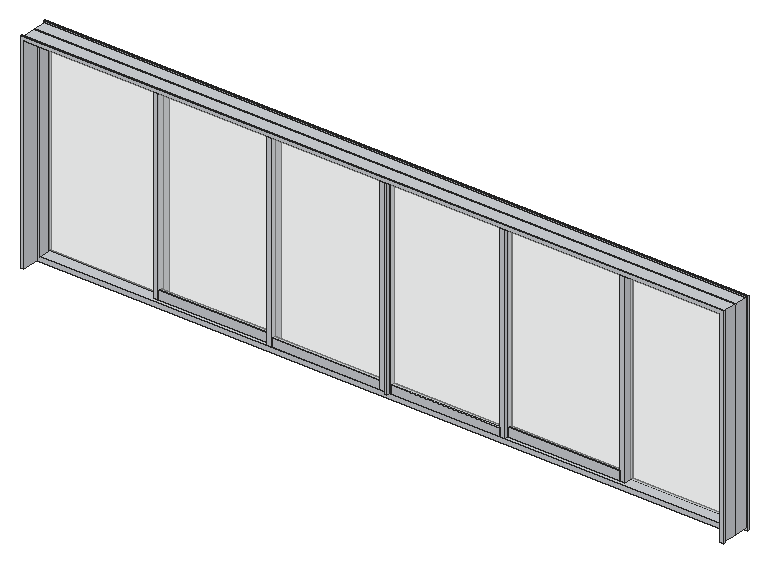
Revit family "APL Residential Thermal Heart Sliding Door FSSSSF", category Doors, host Wall, Revit 2017
Family settings
  Host = Wall
  OmniClass Number = 23.30.10.00
  OmniClass Title = Doors
  Always vertical = Yes
  Cut with Voids When Loaded = No
  Shared = No
  Room Calculation Point = No
Parameters (values of type "Architrave")
  Type [instance] = APL Residential Thermal Heart Sliding Door FSSSSF Horizontal Section : Groove Liner
  Threshold [instance] = yes
  Seal [instance] = yes
  Sash [instance] = yes
  Rough Width = 7500 mm
  Rough Height = 2213 mm
  Rebate Height [instance] = 69.5 mm
  Rebate [instance] = yes
  Liner Sill = yes
  Liner Head = yes
  Liner End [instance] = 10 mm
  Liner [instance] = 60 mm
  Jamb Liner 2 = yes
  Jamb Liner 1 = yes
  Groove [instance] = 10 mm
  Glazing [instance] = yes
  Function = Interior
  Frame Width Sill = 15 mm
  Frame Projection Ext. = 13 mm
  Frame Projection Int. = 20 mm
  Frame Width = 17.306 mm
  Height = Rough Height - 12.5 mm  # 2200.5 mm
  Wall Closure = By host
  Width = Rough Width - 15 mm  # 7485 mm
  Reveal Liner = no
  Fixed [instance] = yes
  Arrow Opening = yes
  Architrave = yes
  Analytic Construction = "<None>"
Reference planes
  plane 1: y = 0
  plane 2 "Center (Left/Right)": x = -138
  plane 3 "Left": x = -3888
  plane 4 "Right": x = 3612
  plane 5: z = 2213
  plane 6 "Exterior": y = 150
  plane 7 "Interior": y = -150
  plane 8: z = 1106.5
  plane 9: x = -1388
  plane 10: x = 1112
  plane 11: x = 2362
  plane 12: x = -2638
Forms (mm)
  Extrusion 1, solid, visible <- "Architrave"
    sketch origin (0, -150, 0) x (1, 0, 0) y (0, 0, 1)
      loop
        line (-3888, 2213) -> (-3888, 0) -> (-3859.896, 0) -> (-3859.896, 2184.896) -> (3583.896, 2184.896) -> (3583.896, 0) -> (3612, 0) -> (3612, 2213) -> (-3888, 2213)
    from 0 to -156.999
  Extrusion 2, solid, visible <- "Architrave"
    sketch origin (-60, -150, 0) x (1, 0, 0) y (0, 0, 1)
      loop
        line (-3839.5, 2224.5) -> (-3839.5, 0) -> (-3799.896, 0) -> (-3799.896, 2184.896) -> (3643.896, 2184.896) -> (3643.896, -0.049) -> (3683.5, -0.049) -> (3683.5, 2224.5) -> (-3839.5, 2224.5)
    from 19.85 to 0
  Sweep 3, solid, visible <- "Reveal Liner"
    path origin (0, -150, 0) x (1, 0, 0) y (0, 0, 1)
      loop
        line (-3888, -0.049) -> (-3888, 2213) -> (3612, 2213) -> (3612, -0.049)
    profile origin (-3888, -150, 1106.475) x (-1, 0, 0) y (0, -1, 0)
      loop
        line (-9.104, 19.85) -> (-28.104, 19.85) -> (-28.104, -156.999) -> (0, -156.999) -> (0, -0.15) -> (-14.669, -0.15) -> (-14.669, 9.85) -> (-9.104, 9.85) -> (-9.104, 19.85)
  Sweep 4, solid
    path origin (0, 150, 0) x (1, 0, 0) y (0, 0, 1)
      loop
        line (3647.192, 2247.7) -> (-3923.208, 2247.7) -> (-3923.208, -38.2) -> (3647.192, -38.2) -> (3647.192, 2247.7)
    profile origin (-3923.208, 150, 1104.75) x (0, -1, 0) y (1, 0, 0)
      loop
        line (-12.35, 22.708) -> (0, 22.708) -> (0, 42.708) -> (26.65, 42.708) -> (26.65, 66.708) -> (-18.35, 66.708) -> (-18.35, 43.708) -> (-12.35, 37.708) -> (-12.35, 22.708)
  Extrusion 5, solid
    sketch origin (0, -108.851, 0) x (1, 0, 0) y (0, 1, 0)
      loop
        line (1084.129, 128.85) -> (1084.129, 152.85) -> (-81.932, 152.85) -> (-81.932, 128.85) -> (1084.129, 128.85)
    from 138.3 to 2099.995
  Extrusion 6, solid
    sketch origin (3543.695, 0, 2243.4) x (0, 1, 0) y (0, 0, -1)
      loop
        line (95.299, 2195.899) -> (59.198, 2195.899) -> (59.198, 2105.099) -> (95.299, 2105.099) -> (95.299, 2195.899)
    from 1209.606 to 2407.622
  Extrusion 7, solid
    sketch origin (3500.695, -11.769, 0) x (-1, 0, 0) y (0, -1, 0)
      loop
        line (1166.606, -101.767) -> (2364.622, -101.767) -> (2364.622, -77.767) -> (1166.606, -77.767) -> (1166.606, -101.767)
    from 138.3 to 2099.995
  Sweep 8, solid
    path origin (-0.016, 150, 0) x (1, 0, 0) y (0, 0, 1)
      loop
        line (2386.072, 47.5) -> (3561.5, 47.5) -> (3561.5, 2161.998) -> (2386.072, 2161.998) -> (2386.072, 47.5)
    profile origin (3561.483, 150, 1104.749) x (0, -1, 0) y (1, 0, 0)
      loop
        line (-3.964, 0) -> (26.65, 0) -> (26.65, 19) -> (-18.35, 19) -> (-18.35, 14.386) -> (-3.964, 0)
  Extrusion 9, solid
    sketch origin (2245.479, 62.2, 0) x (-1, 0, 0) y (0, -1, 0)
      loop
        line (-1316.005, -90.65) -> (-140.576, -90.65) -> (-140.576, -66.65) -> (-1316.005, -66.65) -> (-1316.005, -90.65)
    from 47.5 to 2161.998
  Extrusion 10, solid
    sketch origin (-28.887, -46.751, 2243.4) x (0, 1, 0) y (0, 0, -1)
      loop
        line (95.951, 2195.899) -> (61.471, 2195.899) -> (61.471, 2105.099) -> (95.951, 2105.099) -> (95.951, 2195.899)
    from -1113.016 to 53.045
  Extrusion 11, solid
    sketch origin (0, 150, 0) x (1, 0, 0) y (0, 0, 1)
      loop
        line (3604.484, 2204.992) -> (-3880.5, 2204.992) -> (-3880.5, 4.508) -> (3604.484, 4.508) -> (3604.484, 2204.992)
      loop
        line (3561.5, 2161.998) -> (-3837.5, 2161.998) -> (-3837.5, 47.5) -> (3561.5, 47.5) -> (3561.5, 2161.998)
    from 26.65 to 143.001
  Extrusion 12, solid
    sketch origin (-55, 150, 0) x (1, 0, 0) y (0, 0, 1)
      loop
        line (3667, 2213) -> (-3833, 2213) -> (-3833, 0) -> (3667, 0) -> (3667, 2213)
      loop
        line (3659.484, 2204.992) -> (-3825.5, 2204.992) -> (-3825.5, 4.508) -> (3659.484, 4.508) -> (3659.484, 2204.992)
    from 0 to 143.001
  Extrusion 13, solid
    sketch origin (1205, 0, 0) x (1, 0, 0) y (0, 1, 0)
      loop
        line (1129.089, 59.198) -> (1181.09, 59.198) -> (1181.09, 123.35) -> (1129.089, 123.35) -> (1129.089, 59.198)
    from 47.5 to 2161.998
  Extrusion 14, solid
    sketch origin (1204.984, 0, 0) x (1, 0, 0) y (0, 1, 0)
      loop
        line (1129.089, 123.35) -> (1162.071, 123.35) -> (1162.071, 168.35) -> (1152.09, 168.35) -> (1152.09, 206.148) -> (1129.089, 206.148) -> (1129.089, 123.35)
    from 28.5 to 2180.992
  Extrusion 15, solid
    sketch origin (-86, -108.851, 0) x (-1, 0, 0) y (0, -1, 0)
      loop
        line (1274.129, -128.85) -> (107.998, -128.85) -> (107.998, -152.85) -> (1274.129, -152.85) -> (1274.129, -128.85)
    from 138.3 to 2099.995
  Extrusion 16, solid
    sketch origin (-3629.695, 0, 2243.4) x (0, 1, 0) y (0, 0, 1)
      loop
        line (95.299, -2195.899) -> (95.299, -2105.099) -> (59.198, -2105.099) -> (59.198, -2195.899) -> (95.299, -2195.899)
    from 1022.106 to 2217.622
  Extrusion 17, solid
    sketch origin (-3586.695, -11.769, 0) x (1, 0, 0) y (0, 1, 0)
      loop
        line (979.106, 101.767) -> (979.106, 77.767) -> (2174.622, 77.767) -> (2174.622, 101.767) -> (979.106, 101.767)
    from 138.3 to 2099.995
  Sweep 18, solid
    path origin (-85.984, 150, 0) x (-1, 0, 0) y (0, 0, 1)
      loop
        line (2573.624, 47.5) -> (3751.5, 47.5) -> (3751.5, 2161.998) -> (2573.624, 2161.998) -> (2573.624, 47.5)
    profile origin (-3837.483, 150, 1104.749) x (0, -1, 0) y (1, 0, 0)
      loop
        line (-3.964, 0) -> (-18.35, -14.386) -> (-18.35, -19) -> (26.65, -19) -> (26.65, 0) -> (-3.964, 0)
  Extrusion 19, solid
    sketch origin (-3900.5, 162.35, -15.492) x (0, -1, 0) y (-1, 0, 0)
      loop
        line (147.63, -2488.427) -> (103.152, -2488.427) -> (103.152, -2540.371) -> (147.63, -2540.371) -> (147.63, -2488.427)
    from -2177.49 to -62.992
  Extrusion 20, solid
    sketch origin (-2331.479, 62.2, 0) x (1, 0, 0) y (0, 1, 0)
      loop
        line (-1506.005, 90.65) -> (-1506.005, 66.65) -> (-328.129, 66.65) -> (-328.129, 90.65) -> (-1506.005, 90.65)
    from 47.5 to 2161.998
  Extrusion 21, solid
    sketch origin (-57.113, -46.751, 2243.4) x (0, 1, 0) y (0, 0, 1)
      loop
        line (95.951, -2195.899) -> (95.951, -2105.099) -> (61.471, -2105.099) -> (61.471, -2195.899) -> (95.951, -2195.899)
    from -1303.016 to -136.887
  Extrusion 22, solid
    sketch origin (-3877.422, 162.35, -15.492) x (0, -1, 0) y (-1, 0, 0)
      loop
        line (103.152, -1269.833) -> (103.152, -1218.048) -> (39, -1218.048) -> (39, -1269.833) -> (103.152, -1269.833)
    from -2177.49 to -62.992
  Extrusion 23, solid
    sketch origin (-3900.5, 162.35, -15.492) x (0, -1, 0) y (-1, 0, 0)
      loop
        line (103.152, -2540.371) -> (103.152, -2488.427) -> (67.151, -2488.427) -> (67.151, -2507.657) -> (22.852, -2507.657) -> (22.852, -2540.371) -> (103.152, -2540.371)
    from -2177.49 to -62.992
  Extrusion 24, solid
    sketch origin (-3900.5, 162.35, -15.492) x (0, -1, 0) y (-1, 0, 0)
      loop
        line (113.15, -3706.5) -> (113.15, -3762.5) -> (149.151, -3762.5) -> (149.151, -3706.5) -> (113.15, -3706.5)
    from -2177.49 to -62.992
  Extrusion 25, solid
    sketch origin (-3900.5, 162.35, -15.492) x (0, -1, 0) y (-1, 0, 0)
      loop
        line (113.15, -3762.5) -> (113.15, -3783.561) -> (83.152, -3783.561) -> (83.152, -3799.561) -> (113.15, -3799.561) -> (113.15, -3818.568) -> (149.151, -3818.568) -> (149.151, -3799.561) -> (179.156, -3799.561) -> (179.156, -3783.561) -> (149.151, -3783.561) -> (149.151, -3762.5) -> (113.15, -3762.5)
    from -2177.49 to -62.992
  Sweep 26, solid
    path origin (0, 150, 0) x (1, 0, 0) y (0, 0, 1)
      loop
        line (2334.072, 47.5) -> (-2607.589, 47.5)
    profile origin (-136.758, 150, 47.5) x (0, 0, -1) y (0, -1, 0)
      loop
        line (18.992, -17.95) -> (18.992, 26.65) -> (-0.008, 26.65) -> (-0.008, 24.739) -> (17.675, -17.95) -> (18.992, -17.95)
  Sweep 27, solid
    path origin (0, 150, 0) x (1, 0, 0) y (0, 0, 1)
      loop
        line (2334.072, 2161.998) -> (-2583.167, 2161.998)
    profile origin (-124.547, 150, 2161.998) x (0, 0, -1) y (0, -1, 0)
      loop
        line (-18.992, -17.95) -> (-17.675, -17.95) -> (0.008, 24.739) -> (0.008, 26.65) -> (-18.992, 26.65) -> (-18.992, -17.95)
  Extrusion 28, solid
    sketch origin (-3864.922, 150, 0) x (0, -1, 0) y (-1, 0, 0)
      loop
        line (26.65, -1219.349) -> (-18.35, -1219.349) -> (-18.35, -1234.478) -> (-56.148, -1234.478) -> (-56.148, -1257.333) -> (26.65, -1257.333) -> (26.65, -1219.349)
    from -2180.992 to -28.508
  Extrusion 29, solid
    sketch origin (-3900.5, 162.35, -15.492) x (0, -1, 0) y (-1, 0, 0)
      loop
        line (147.63, -5036.573) -> (147.63, -4984.629) -> (103.152, -4984.629) -> (103.152, -5036.573) -> (147.63, -5036.573)
    from -2177.49 to -62.992
  Extrusion 30, solid
    sketch origin (-3900.5, 162.35, -15.492) x (0, -1, 0) y (-1, 0, 0)
      loop
        line (103.152, -4984.629) -> (22.852, -4984.629) -> (22.852, -5017.342) -> (67.151, -5017.342) -> (67.151, -5036.573) -> (103.152, -5036.573) -> (103.152, -4984.629)
    from -2177.49 to -62.992
  Extrusion 31, solid
    sketch origin (3543.695, 0, -30.4) x (0, 1, 0) y (0, 0, -1)
      loop
        line (95.199, -2192.397) -> (95.199, -2130.395) -> (59.198, -2130.395) -> (59.198, -2192.397) -> (95.199, -2192.397)
    from 1209.606 to 2407.622
  Extrusion 32, solid
    sketch origin (-28.887, -46.751, -30.4) x (0, 1, 0) y (0, 0, -1)
      loop
        line (95.951, -2192.397) -> (95.951, -2130.395) -> (61.471, -2130.395) -> (61.471, -2192.397) -> (95.951, -2192.397)
    from -1113.016 to 53.045
  Extrusion 33, solid
    sketch origin (-3629.695, 0, -30.4) x (0, 1, 0) y (0, 0, 1)
      loop
        line (95.199, 2192.397) -> (59.198, 2192.397) -> (59.198, 2130.395) -> (95.199, 2130.395) -> (95.199, 2192.397)
    from 1022.106 to 2217.622
  Extrusion 34, solid
    sketch origin (-57.113, -46.751, -30.4) x (0, 1, 0) y (0, 0, 1)
      loop
        line (95.951, 2192.397) -> (61.471, 2192.397) -> (61.471, 2130.395) -> (95.951, 2130.395) -> (95.951, 2192.397)
    from -1303.016 to -136.884
Cuts and joins
  joined: Extrusion 1, Extrusion 2
  joined: Sweep 4, Sweep 8, Extrusion 11, Extrusion 12, Extrusion 14, Sweep 18, Extrusion 28
Lines and regions (mm)
  Opening 1
    outline origin (-5000.306, -150, 0) x (1, 0, 0) y (0, 0, 1)
      loop
        line (8612.306, 2213) -> (1112.306, 2213) -> (1112.306, 0) -> (8612.306, 0) -> (8612.306, 2213)
  symbolic lines, style "DoorsOpeningProjection"
    curve 1: line (1357.386, 212.794, 0) -> (1857.386, 212.794, 0)
    curve 2: line (1857.386, 212.794, 0) -> (1760.794, 238.676, 0)
    curve 5: line (264.5, 207.712, 0) -> (764.5, 207.712, 0)
    curve 6: line (764.5, 207.712, 0) -> (667.907, 233.594, 0)
    curve 13: line (-1611.464, 212.794, 0) -> (-2111.464, 212.794, 0)
    curve 14: line (-2111.464, 212.794, 0) -> (-2014.872, 238.676, 0)
    curve 15: line (-540.5, 207.712, 0) -> (-1040.5, 207.712, 0)
    curve 16: line (-1040.5, 207.712, 0) -> (-943.907, 233.594, 0)
  symbolic lines, style "DoorsOpeningProjection", visible <- "Arrow Opening"
    curve 3: line (305.393, 150, 1106.5) -> (805.393, 150, 1106.5)
    curve 4: line (805.393, 150, 1106.5) -> (708.8, 150, 1132.382)
    curve 7: line (1550.393, 150, 1106.5) -> (2050.393, 150, 1106.5)
    curve 8: line (2050.393, 150, 1106.5) -> (1953.8, 150, 1132.382)
    curve 9: line (-581.393, 150, 1106.5) -> (-1081.393, 150, 1106.5)
    curve 10: line (-1081.393, 150, 1106.5) -> (-984.8, 150, 1132.382)
    curve 11: line (-1804.471, 150, 1106.5) -> (-2304.471, 150, 1106.5)
    curve 12: line (-2304.471, 150, 1106.5) -> (-2207.878, 150, 1132.382)
Text (mm)
  text "Exterior" at (-3940.342, 1652.778, 0), in view "Ref. Level"
  text "Exterior" at (0, 1615.38, 3698.081), in view "Left"
  text "Exterior" at (0, 334.719, 2691.665), in view "Right"
Dimensions and locks
  equal spacing: plane 3 "Left", plane 2 "Center (Left/Right)", plane 4 "Right"
  "Rough Width": plane 3 "Left" to plane 4 "Right"
  "Rough Height": plane 5 to host wall
  locked: plane 6 "Exterior" to host wall at 0
  locked: plane 7 "Interior" to host wall
  locked: cut or joined group of Extrusion 1, Extrusion 2 to cut or joined group of Extrusion 1, Extrusion 2 at 28.104  (x2)
  nested 1 to plane 3 "Left" = 12.5 mm
  equal spacing: level, plane 8, plane 5
  locked: curve 1 to curve 1 at 500
  locked: curve 2 to curve 2 at 100
  level to plane 8 to plane 5 = 1106.5 mm, 1106.5 mm
  locked: Extrusion 9 to plane 5 at 51.002
  locked: Extrusion 7 to plane 5 at 113.005
  locked: curve 5 to curve 5 at 500
  locked: curve 6 to curve 6 at 100
  locked: Extrusion 5 to plane 5 at 113.005
  locked: plane 3 "Left" to nested 1 at 7.5
  nested 2 to host wall = 5 mm  (x2)
  locked: cut or joined group of Sweep 4, Sweep 8, Extrusion 11, Extrusion 12, Extrusion 14, Sweep 18, Extrusion 28 to plane 5 at 32.002  (x2)
  Extrusion 24 to Extrusion 25 to Extrusion 25 = 56 mm locked, 56.068 mm locked
  locked: Extrusion 25 to Extrusion 25 at 16  (x2)
  locked: plane 2 "Center (Left/Right)" to Extrusion 25 at 21.061  (x2)
  Extrusion 13 to plane 11 to Extrusion 13 = 27.911 mm locked, 24.09 mm locked
  cut or joined group of Sweep 4, Sweep 8, Extrusion 11, Extrusion 12, Extrusion 14, Sweep 18, Extrusion 28 to cut or joined group of Sweep 4, Sweep 8, Extrusion 11, Extrusion 12, Extrusion 14, Sweep 18, Extrusion 28 to plane 11 = 23.001 mm, 4.926 mm locked
  Extrusion 19 to plane 9 to Extrusion 19 = 24.073 mm locked, 27.871 mm locked
  Extrusion 23 to Extrusion 23 to plane 9 to Extrusion 23 = 19.231 mm locked, 4.843 mm locked, 27.871 mm locked
  locked: curve 13 to curve 13 at 500
  locked: curve 14 to curve 14 at 100
  locked: curve 15 to curve 15 at 500
  locked: curve 16 to curve 16 at 100
  locked: curve 7 to curve 7 at 500
  locked: curve 8 to curve 8 at 100
  locked: curve 3 to curve 3 at 500
  locked: curve 4 to curve 4 at 100
  locked: curve 9 to curve 9 at 500
  locked: curve 10 to curve 10 at 100
  locked: curve 11 to curve 11 at 500
  locked: curve 12 to curve 12 at 100
  Extrusion 16 to Extrusion 17 to Extrusion 17 to Extrusion 16 to plane 6 "Exterior" = 6.8 mm locked, 24 mm locked, 5.301 mm locked, 54.701 mm locked
  locked: plane 6 "Exterior" to Extrusion 24 at 100.8
  Extrusion 21 to Extrusion 15 to Extrusion 15 to Extrusion 21 to plane 6 "Exterior" = 5.279 mm locked, 24 mm locked, 5.201 mm locked, 100.8 mm locked
  Extrusion 10 to Extrusion 5 to Extrusion 5 to Extrusion 10 to plane 6 "Exterior" = 5.279 mm locked, 24 mm locked, 5.201 mm locked, 100.8 mm locked
  Extrusion 6 to Extrusion 7 to Extrusion 7 to Extrusion 6 to plane 6 "Exterior" = 6.8 mm locked, 24 mm locked, 5.301 mm locked, 54.701 mm locked
  locked: cut or joined group of Sweep 4, Sweep 8, Extrusion 11, Extrusion 12, Extrusion 14, Sweep 18, Extrusion 28 to plane 6 "Exterior" at 143.001
  Extrusion 33 to Extrusion 33 = 36.001 mm
  Extrusion 34 to Extrusion 34 = 34.48 mm
  Extrusion 32 to Extrusion 32 = 34.48 mm
  Extrusion 31 to Extrusion 31 = 36.001 mm
  locked: Extrusion 33 to Extrusion 17 at 5.201
  locked: Extrusion 17 to Extrusion 33 at 6.8
  locked: Extrusion 15 to Extrusion 34 at 5.279
  locked: Extrusion 32 to Extrusion 5 at 5.279
  locked: Extrusion 5 to Extrusion 32 at 5.201
  locked: Extrusion 31 to Extrusion 7 at 6.8
  locked: Extrusion 7 to Extrusion 31 at 5.201
  Extrusion 22 to plane 12 to Extrusion 22 = 21.374 mm locked, 30.411 mm locked
  plane 12 to cut or joined group of Sweep 4, Sweep 8, Extrusion 11, Extrusion 12, Extrusion 14, Sweep 18, Extrusion 28 to cut or joined group of Sweep 4, Sweep 8, Extrusion 11, Extrusion 12, Extrusion 14, Sweep 18, Extrusion 28 = 7.555 mm locked, 22.856 mm locked
  equal spacing: plane 3 "Left", plane 12, plane 9, plane 2 "Center (Left/Right)", plane 10, plane 11, plane 4 "Right"
  locked: Extrusion 34 to Extrusion 15 at 5.201
  Extrusion 29 to plane 10 to Extrusion 29 = 27.871 mm locked, 24.073 mm locked
  Extrusion 30 to plane 10 to Extrusion 30 to Extrusion 30 = 27.871 mm locked, 4.843 mm locked, 19.231 mm locked
  locked: cut or joined group of Sweep 4, Sweep 8, Extrusion 11, Extrusion 12, Extrusion 14, Sweep 18, Extrusion 28 to plane 12 at 21.608
  locked: Extrusion 25 to Extrusion 25 at 19.007
  Extrusion 32 to plane 10 to Extrusion 31 = 27.871 mm locked, 24.073 mm locked
  Extrusion 34 to plane 2 "Center (Left/Right)" to Extrusion 32 = 55.998 mm locked, 56.068 mm locked
  Extrusion 33 to plane 9 to Extrusion 34 = 24.073 mm locked, 27.871 mm locked
  cut or joined group of Sweep 4, Sweep 8, Extrusion 11, Extrusion 12, Extrusion 14, Sweep 18, Extrusion 28 to plane 5 = 32.008 mm  (x2)
  Extrusion 30 to plane 5 = 51.002 mm
  Extrusion 24 to plane 5 = 51.002 mm
  Extrusion 25 to plane 5 = 51.002 mm
  Extrusion 15 to plane 5 = 113.005 mm
  Extrusion 23 to plane 5 = 51.002 mm
  Extrusion 17 to plane 5 = 113.005 mm
  Extrusion 20 to plane 5 = 51.002 mm
  locked: plane 5 to Extrusion 20 at 51.002
  locked: plane 5 to Extrusion 17 at 113.005
  locked: plane 5 to Extrusion 15 at 113.005
  locked: plane 5 to cut or joined group of Sweep 4, Sweep 8, Extrusion 11, Extrusion 12, Extrusion 14, Sweep 18, Extrusion 28 at 32.008
  plane 5 to cut or joined group of Sweep 4, Sweep 8, Extrusion 11, Extrusion 12, Extrusion 14, Sweep 18, Extrusion 28 = 32.008 mm
  locked: plane 5 to Extrusion 23 at 51.002
  locked: plane 5 to Extrusion 22 at 51.002
  locked: plane 5 to Extrusion 25 at 51.002
  locked: plane 5 to Extrusion 19 at 51.002
  plane 5 to Extrusion 23 = 51.002 mm
  locked: plane 5 to Extrusion 34 at 51.002
  locked: plane 5 to Extrusion 13 at 51.002
  locked: plane 5 to Extrusion 29 at 51.002
  cut or joined group of Sweep 4, Sweep 8, Extrusion 11, Extrusion 12, Extrusion 14, Sweep 18, Extrusion 28 to level to Sweep 26 to Extrusion 22 = 15.492 mm locked, 28.508 mm locked, 18.992 mm locked
  locked: plane 5 to cut or joined group of Sweep 4, Sweep 8, Extrusion 11, Extrusion 12, Extrusion 14, Sweep 18, Extrusion 28 at 11.992
  locked: cut or joined group of Sweep 4, Sweep 8, Extrusion 11, Extrusion 12, Extrusion 14, Sweep 18, Extrusion 28 to plane 5 at 32.008
  Extrusion 25 to host wall to cut or joined group of Extrusion 1, Extrusion 2 = 13.199 mm, 150 mm
  nested 2 to plane 5 = 7.973 mm
  locked: level to nested 2 at 4.527
  locked: curve 2 to curve 1 (angle 15.00°)
  locked: curve 6 to curve 5 (angle 15.00°)
  locked: curve 13 to curve 14 (angle 15.00°)
  locked: curve 15 to curve 16 (angle 15.00°)
  locked: curve 7 to curve 8 (angle 15.00°)
  locked: curve 3 to curve 4 (angle 15.00°)
  locked: curve 10 to curve 9 (angle 15.00°)
  locked: curve 12 to curve 11 (angle 15.00°)
  aligned and locked: host wall to plane 1
  aligned and locked: Extrusion 1 to level
  aligned and locked: Sweep 3 to Extrusion 1
  aligned and locked: Extrusion 1 to Extrusion 2
  aligned and locked: Extrusion 9 to Sweep 8  (x2)
  aligned and locked: Extrusion 2 to plane 7 "Interior"
  aligned and locked: host wall to Extrusion 12
  aligned and locked: Sweep 3 sketch curve to cut or joined group of Extrusion 1, Extrusion 2
  aligned and locked: Extrusion 6 to Extrusion 13  (x2)
  aligned and locked: Extrusion 13 to Sweep 8
  aligned and locked: Sweep 8 to Extrusion 14
  aligned and locked: Extrusion 14 to Sweep 8
  aligned and locked: Extrusion 6 to Extrusion 7
  aligned and locked: Extrusion 23 to Extrusion 16
  aligned and locked: Extrusion 1 to cut or joined group of Sweep 4, Sweep 8, Extrusion 11, Extrusion 12, Extrusion 14, Sweep 18, Extrusion 28
  aligned and locked: Extrusion 12 to Extrusion 11
  aligned and locked: Extrusion 16 to Extrusion 17
  aligned and locked: Extrusion 33 to Extrusion 23
  aligned and locked: Extrusion 13 to Extrusion 33
  aligned and locked: Extrusion 24 to Extrusion 34
  aligned and locked: Extrusion 13 to Extrusion 31
  aligned and locked: Extrusion 31 to Extrusion 23
  aligned and locked: Extrusion 24 to Extrusion 32
  aligned and locked: Extrusion 19 to Extrusion 16
  aligned and locked: Extrusion 19 to Extrusion 34
  aligned and locked: Extrusion 34 to Extrusion 25
  aligned and locked: Extrusion 33 to Extrusion 19
  aligned and locked: Extrusion 30 to Extrusion 33
  aligned and locked: cut or joined group of Sweep 4, Sweep 8, Extrusion 11, Extrusion 12, Extrusion 14, Sweep 18, Extrusion 28 to Extrusion 16
  aligned and locked: Extrusion 33 to cut or joined group of Sweep 4, Sweep 8, Extrusion 11, Extrusion 12, Extrusion 14, Sweep 18, Extrusion 28
  aligned and locked: Extrusion 21 to Extrusion 19
  aligned and locked: Extrusion 16 to Extrusion 23
  aligned and locked: Extrusion 10 to Extrusion 25
  aligned and locked: Extrusion 21 to Extrusion 24
  aligned and locked: Extrusion 10 to Extrusion 29
  aligned and locked: Extrusion 6 to Extrusion 30
  aligned and locked: Extrusion 13 to Extrusion 6
  aligned and locked: Extrusion 20 to cut or joined group of Sweep 4, Sweep 8, Extrusion 11, Extrusion 12, Extrusion 14, Sweep 18, Extrusion 28
  aligned and locked: Extrusion 12 to level
  aligned and locked: Sweep 4 to Extrusion 11
  aligned and locked: Extrusion 12 to host wall
  aligned and locked: Extrusion 11 to Extrusion 6
  aligned and locked: Extrusion 24 to Extrusion 29
  aligned and locked: Extrusion 29 to Extrusion 30
Automatic sketch dimensions
  host wall to curve 13 = 62.794 mm
  host wall to curve 15 = 57.712 mm
  plane 9 to curve 15 = 347.5 mm
  host wall to curve 5 = 57.712 mm
  curve 5 to plane 10 = 347.5 mm
  host wall to curve 1 = 62.794 mm
  curve 1 to plane 11 = 504.614 mm
  curve 12 to plane 8 = 0 mm
  curve 10 to plane 8 = 0 mm
  curve 3 to plane 8 = 0 mm
  curve 7 to plane 8 = 0 mm
  plane 9 to curve 10 = 306.607 mm
  curve 3 to plane 10 = 306.607 mm
  curve 7 to plane 11 = 311.607 mm
  plane 3 "Left" to Opening 1 sketch curve = 0 mm
  Opening 1 sketch curve to level = 0 mm
  plane 4 "Right" to Opening 1 sketch curve = 0 mm
  Opening 1 sketch curve to plane 5 = 0 mm
  Extrusion 1 sketch curve to level = 0 mm  (x2)
  plane 3 "Left" to Extrusion 1 sketch curve = 0 mm
  plane 4 "Right" to Extrusion 1 sketch curve = 0 mm
  Extrusion 1 sketch curve to plane 5 = 0 mm
  Extrusion 1 sketch curve to Extrusion 1 sketch curve = 28.104 mm
  plane 4 "Right" to Extrusion 1 sketch curve = 28.104 mm
  plane 5 to Extrusion 1 sketch curve = 28.104 mm
  Extrusion 2 sketch curve to level = 0 mm
  plane 3 "Left" to Extrusion 2 sketch curve = 11.5 mm
  Extrusion 2 sketch curve to plane 3 "Left" = 28.104 mm
  plane 4 "Right" to Extrusion 2 sketch curve = 28.104 mm
  Extrusion 2 sketch curve to plane 4 "Right" = 11.5 mm
  Extrusion 2 sketch curve to level = 0.049 mm
  plane 5 to Extrusion 2 sketch curve = 28.104 mm
  Extrusion 2 sketch curve to plane 5 = 11.5 mm
  plane 3 "Left" to Sweep 3 sketch curve = 0 mm
  plane 4 "Right" to Sweep 3 sketch curve = 0 mm
  Sweep 3 sketch curve to plane 5 = 0 mm
  Sweep 3 sketch curve to level = 0.049 mm  (x2)
  Sweep 3 sketch curve to profile plane = 0 mm
  profile plane to Sweep 3 sketch curve = 9.104 mm
  Sweep 3 sketch curve to Sweep 3 sketch curve = 5.565 mm
  profile plane to Sweep 3 sketch curve = 28.104 mm
  Sweep 3 sketch curve to plane 7 "Interior" = 0.15 mm
  plane 7 "Interior" to Sweep 3 sketch curve = 9.85 mm
  Sweep 3 sketch curve to Sweep 3 sketch curve = 10 mm
  plane 3 "Left" to Sweep 4 sketch curve = 35.208 mm
  Sweep 4 sketch curve to plane 4 "Right" = 35.192 mm
  Sweep 4 sketch curve to level = 38.2 mm
  Sweep 4 sketch curve to plane 5 = 34.7 mm
  Sweep 4 sketch curve to plane 6 "Exterior" = 0 mm
  Sweep 4 sketch curve to Sweep 4 sketch curve = 12.35 mm
  Sweep 4 sketch curve to plane 6 "Exterior" = 18.35 mm
  plane 6 "Exterior" to Sweep 4 sketch curve = 26.65 mm
  Sweep 4 sketch curve to profile plane = 22.708 mm
  Sweep 4 sketch curve to Sweep 4 sketch curve = 15 mm
  Sweep 4 sketch curve to Sweep 4 sketch curve = 20 mm
  Sweep 4 sketch curve to Sweep 4 sketch curve = 6 mm
  Sweep 4 sketch curve to Sweep 4 sketch curve = 23 mm
  Extrusion 5 sketch curve to host wall = 19.999 mm
  plane 2 "Center (Left/Right)" to Extrusion 5 sketch curve = 56.068 mm
  Extrusion 5 sketch curve to plane 10 = 27.871 mm
  Extrusion 5 sketch curve to Extrusion 5 sketch curve = 24 mm
  Extrusion 6 sketch curve to host wall = 59.198 mm
  Extrusion 6 sketch curve to Extrusion 6 sketch curve = 36.101 mm
  level to Extrusion 6 sketch curve = 138.3 mm
  level to Extrusion 6 sketch curve = 47.5 mm
  Extrusion 7 sketch curve to plane 11 = 27.911 mm
  plane 10 to Extrusion 7 sketch curve = 24.073 mm
  Extrusion 7 sketch curve to host wall = 60.002 mm
  Extrusion 7 sketch curve to Extrusion 7 sketch curve = 24 mm
  plane 11 to Sweep 8 sketch curve = 24.055 mm
  plane 4 "Right" to Sweep 8 sketch curve = 50.517 mm
  level to Sweep 8 sketch curve = 47.5 mm
  plane 5 to Sweep 8 sketch curve = 51.002 mm
  Sweep 8 sketch curve to profile plane = 0 mm
  Sweep 8 sketch curve to plane 6 "Exterior" = 18.35 mm
  Sweep 8 sketch curve to plane 6 "Exterior" = 3.964 mm
  plane 6 "Exterior" to Sweep 8 sketch curve = 26.65 mm
  Sweep 8 sketch curve to profile plane = 14.386 mm
  Sweep 8 sketch curve to Sweep 8 sketch curve = 4.614 mm
  Extrusion 9 sketch curve to host wall = 21.15 mm
  plane 4 "Right" to Extrusion 9 sketch curve = 50.517 mm
  plane 11 to Extrusion 9 sketch curve = 24.055 mm
  host wall to Extrusion 9 sketch curve = 2.85 mm
  Extrusion 10 sketch curve to host wall = 14.72 mm
  Extrusion 10 sketch curve to Extrusion 10 sketch curve = 34.48 mm
  level to Extrusion 10 sketch curve = 138.3 mm
  level to Extrusion 10 sketch curve = 47.5 mm
  Extrusion 11 sketch curve to plane 3 "Left" = 7.5 mm
  Extrusion 11 sketch curve to plane 3 "Left" = 50.5 mm
  plane 4 "Right" to Extrusion 11 sketch curve = 50.5 mm
  plane 4 "Right" to Extrusion 11 sketch curve = 7.516 mm
  level to Extrusion 11 sketch curve = 4.508 mm
  level to Extrusion 11 sketch curve = 47.5 mm
  plane 5 to Extrusion 11 sketch curve = 51.002 mm
  plane 5 to Extrusion 11 sketch curve = 8.008 mm
  plane 3 "Left" to Extrusion 12 sketch curve = 0 mm
  plane 4 "Right" to Extrusion 12 sketch curve = 0 mm
  Extrusion 12 sketch curve to level = 0 mm
  Extrusion 12 sketch curve to plane 5 = 0 mm
  Extrusion 12 sketch curve to plane 3 "Left" = 7.5 mm
  plane 4 "Right" to Extrusion 12 sketch curve = 7.516 mm
  level to Extrusion 12 sketch curve = 4.508 mm
  plane 5 to Extrusion 12 sketch curve = 8.008 mm
  Extrusion 13 sketch curve to plane 11 = 27.911 mm
  plane 11 to Extrusion 13 sketch curve = 24.09 mm
  Extrusion 13 sketch curve to host wall = 59.198 mm
  Extrusion 13 sketch curve to host wall = 26.65 mm
  Extrusion 14 sketch curve to plane 11 = 27.928 mm
  Extrusion 14 sketch curve to plane 11 = 4.926 mm
  plane 11 to Extrusion 14 sketch curve = 5.055 mm
  Extrusion 14 sketch curve to host wall = 26.65 mm
  host wall to Extrusion 14 sketch curve = 18.35 mm
  Extrusion 14 sketch curve to Extrusion 14 sketch curve = 37.798 mm
  Extrusion 15 sketch curve to host wall = 19.999 mm
  Extrusion 15 sketch curve to plane 2 "Center (Left/Right)" = 55.998 mm
  plane 9 to Extrusion 15 sketch curve = 27.871 mm
  Extrusion 15 sketch curve to Extrusion 15 sketch curve = 24 mm
  Extrusion 16 sketch curve to host wall = 59.198 mm
  Extrusion 16 sketch curve to Extrusion 16 sketch curve = 36.101 mm
  level to Extrusion 16 sketch curve = 47.5 mm
  Extrusion 16 sketch curve to Extrusion 16 sketch curve = 90.8 mm
  Extrusion 17 sketch curve to plane 9 = 24.073 mm
  Extrusion 17 sketch curve to host wall = 65.998 mm
  Extrusion 17 sketch curve to Extrusion 17 sketch curve = 24 mm
  Sweep 18 sketch curve to profile plane = 0 mm
  Sweep 18 sketch curve to plane 6 "Exterior" = 18.35 mm
  Sweep 18 sketch curve to plane 6 "Exterior" = 3.964 mm
  plane 6 "Exterior" to Sweep 18 sketch curve = 26.65 mm
  profile plane to Sweep 18 sketch curve = 14.386 mm
  profile plane to Sweep 18 sketch curve = 19 mm
  Extrusion 19 sketch curve to Sweep 4 = 90.802 mm
  Extrusion 19 sketch curve to Extrusion 19 sketch curve = 44.478 mm
  Extrusion 19 sketch curve to Sweep 4 = 2488.427 mm
  Extrusion 19 sketch curve to Extrusion 19 sketch curve = 51.944 mm
  Extrusion 20 sketch curve to host wall = 21.15 mm
  Extrusion 20 sketch curve to plane 3 "Left" = 50.517 mm
  host wall to Extrusion 20 sketch curve = 2.85 mm
  Extrusion 21 sketch curve to host wall = 14.72 mm
  Extrusion 21 sketch curve to Extrusion 21 sketch curve = 34.48 mm
  level to Extrusion 21 sketch curve = 47.5 mm
  Extrusion 21 sketch curve to Extrusion 21 sketch curve = 90.8 mm
  Extrusion 22 sketch curve to Sweep 4 = 26.65 mm
  Extrusion 22 sketch curve to Extrusion 22 sketch curve = 64.152 mm
  Extrusion 22 sketch curve to Sweep 4 = 1241.126 mm
  Extrusion 22 sketch curve to Extrusion 22 sketch curve = 51.785 mm
  Extrusion 23 sketch curve to Sweep 4 = 10.502 mm
  Extrusion 23 sketch curve to Extrusion 23 sketch curve = 44.299 mm
  Extrusion 23 sketch curve to Extrusion 23 sketch curve = 36.001 mm
  Extrusion 23 sketch curve to Sweep 4 = 2488.427 mm
  Extrusion 23 sketch curve to Extrusion 23 sketch curve = 19.231 mm
  Extrusion 23 sketch curve to Extrusion 23 sketch curve = 32.713 mm
  Extrusion 24 sketch curve to Sweep 4 = 100.8 mm
  Extrusion 24 sketch curve to Extrusion 24 sketch curve = 36.001 mm
  Extrusion 24 sketch curve to Sweep 4 = 3706.5 mm
  Extrusion 24 sketch curve to Extrusion 24 sketch curve = 56 mm
  Extrusion 25 sketch curve to Sweep 4 = 70.802 mm
  Extrusion 25 sketch curve to Extrusion 25 sketch curve = 29.998 mm
  Extrusion 25 sketch curve to Extrusion 25 sketch curve = 0 mm
  Extrusion 25 sketch curve to Extrusion 25 sketch curve = 36.001 mm  (x2)
  Extrusion 25 sketch curve to Extrusion 25 sketch curve = 30.005 mm
  Sweep 4 to Extrusion 25 sketch curve = 3762.483 mm
  Extrusion 25 sketch curve to Extrusion 25 sketch curve = 21.061 mm  (x2)
  Extrusion 25 sketch curve to Extrusion 25 sketch curve = 16 mm  (x2)
  Extrusion 25 sketch curve to Extrusion 25 sketch curve = 19.007 mm
  profile plane to Sweep 26 sketch curve = 0.008 mm
  Sweep 26 sketch curve to profile plane = 17.675 mm
  Sweep 26 sketch curve to Sweep 26 sketch curve = 1.317 mm
  Sweep 26 sketch curve to plane 6 "Exterior" = 17.95 mm
  plane 6 "Exterior" to Sweep 26 sketch curve = 24.739 mm
  Sweep 26 sketch curve to Sweep 26 sketch curve = 1.911 mm
  profile plane to Sweep 27 sketch curve = 18.992 mm
  Sweep 27 sketch curve to Sweep 27 sketch curve = 1.317 mm
  Sweep 27 sketch curve to profile plane = 0.008 mm
  Sweep 27 sketch curve to profile plane = 17.95 mm
  profile plane to Sweep 27 sketch curve = 24.739 mm
  Sweep 27 sketch curve to Sweep 27 sketch curve = 1.911 mm
  Extrusion 12 to Extrusion 28 sketch curve = 56.148 mm
  Extrusion 12 to Extrusion 28 sketch curve = 18.35 mm
  Extrusion 28 sketch curve to Extrusion 12 = 26.65 mm
  Extrusion 28 sketch curve to Extrusion 12 = 1242.427 mm
  Extrusion 28 sketch curve to Extrusion 28 sketch curve = 15.128 mm
  Extrusion 28 sketch curve to Extrusion 28 sketch curve = 37.984 mm
  Extrusion 29 sketch curve to Sweep 4 = 90.802 mm
  Extrusion 29 sketch curve to Extrusion 29 sketch curve = 44.478 mm
  Sweep 4 to Extrusion 29 sketch curve = 2540.354 mm
  Extrusion 29 sketch curve to Extrusion 29 sketch curve = 51.944 mm
  Extrusion 30 sketch curve to Sweep 4 = 10.502 mm
  Extrusion 30 sketch curve to Extrusion 30 sketch curve = 44.299 mm
  Extrusion 30 sketch curve to Extrusion 30 sketch curve = 36.001 mm
  Sweep 4 to Extrusion 30 sketch curve = 2540.354 mm
  Extrusion 30 sketch curve to Extrusion 30 sketch curve = 32.713 mm
  Extrusion 30 sketch curve to Extrusion 30 sketch curve = 19.231 mm
  Extrusion 31 sketch curve to host wall = 59.198 mm
  Extrusion 31 sketch curve to Extrusion 31 sketch curve = 36.001 mm
  plane 5 to Extrusion 31 sketch curve = 51.002 mm
  Extrusion 31 sketch curve to Extrusion 31 sketch curve = 62.003 mm
  Extrusion 32 sketch curve to host wall = 14.72 mm
  Extrusion 32 sketch curve to Extrusion 32 sketch curve = 34.48 mm
  plane 5 to Extrusion 32 sketch curve = 51.002 mm
  Extrusion 32 sketch curve to Extrusion 32 sketch curve = 62.003 mm
  Extrusion 33 sketch curve to host wall = 59.198 mm
  Extrusion 33 sketch curve to Extrusion 33 sketch curve = 36.001 mm
  plane 5 to Extrusion 33 sketch curve = 113.005 mm
  plane 5 to Extrusion 33 sketch curve = 51.002 mm
  Extrusion 34 sketch curve to host wall = 14.72 mm
  Extrusion 34 sketch curve to Extrusion 34 sketch curve = 34.48 mm
  plane 5 to Extrusion 34 sketch curve = 113.005 mm
  plane 5 to Extrusion 34 sketch curve = 51.002 mm
  plane 5 to Sweep 27 sketch curve = 51.002 mm
  Sweep 27 sketch curve to plane 11 = 27.928 mm
  plane 3 "Left" to Sweep 18 sketch curve = 50.517 mm
  Sweep 18 sketch curve to level = 47.5 mm
  Sweep 18 sketch curve to plane 5 = 51.002 mm
  curve 14 to plane 9 = 723.464 mm
  curve 11 to plane 9 = 916.471 mm
  Extrusion 17 sketch curve to Extrusion 17 sketch curve = 1195.516 mm
  Sweep 18 sketch curve to Sweep 18 sketch curve = 1177.875 mm
  Extrusion 20 sketch curve to Extrusion 20 sketch curve = 1177.875 mm
  Sweep 27 sketch curve to plane 9 = 1195.167 mm
  plane 12 to Sweep 26 sketch curve = 30.411 mm
  level to Sweep 26 sketch curve = 47.5 mm
  Sweep 26 sketch curve to plane 11 = 27.928 mm
Nested families
  nested 1: "APL Residential Thermal Heart Sliding Door FSSSSF Horizontal Section" at (376.447, 208.498, -15.492), Box Width <- "Width", type <- "Type", Groove <- "Groove", Liner <- "Liner", Liner End <- "Liner End", type "Groove Liner"
    with Liner End 10 mm, Liner 60 mm, Groove 10 mm, Glass Length 1221.5 mm, Glass Fixed Length 1193.5 mm, Glass Door Length 1192.5 mm, Box Width 7485 mm
  nested 2: "APL Residential Thermal Heart Sliding Door FSSSSF Vertical Section" at (-3888, -227.596, 928.174) x (0, -1, 0) z (1, 0, 0), Box Height <- "Height", Groove <- "Groove", Liner <- "Liner", Liner End <- "Liner End", type "Groove Liner"
    with Liner End 10 mm, Liner 60 mm, Groove 10 mm, Glass Length 1982.6 mm, Glass Fixed Length 2140 mm, Box Height 2200.5 mm
Definition of nested family "APL Residential Thermal Heart Sliding Door FSSSSF Horizontal Section"
  Parameters (values of type "Groove Liner")
    Liner End [instance] = 10 mm
    Liner Block = Liner : Liner
    Liner [instance] = 100 mm
    Groove [instance] = 10 mm
    Glass Length [instance] = (Box Width / 6) - 26 mm  # 557.333 mm
    Glass Door Length [instance] = (Box Width / 6) - 55 mm  # 528.333 mm
    Glass Fixed Length [instance] = (Box Width / 6) - 54 mm  # 529.333 mm
    Box Width [instance] = 3500 mm
  Types (2, lengths in mm): name | Liner Block | Glass Length | Glass Door Length | Glass Fixed Length | Box Width
    Groove Liner | Liner : Liner | 557.333 | 528.333 | 529.333 | 3500
    Liner | Liner No Groove : Liner No Groove | 57.333 | 28.333 | 29.333 | 500
  Reference planes
    plane 1 "Center (Front/Back)": y = 53.498
    plane 2: z = 0
    plane 3 "Center (Left/Right)": x = -514.447
    plane 4: x = -2264.447
    plane 5: x = 1235.553
    plane 6: y = 197.648
    plane 7: y = 197.648
    plane 8: x = 1243.053
    plane 9: y = 57.796
    plane 10: x = 68.886
    plane 11: x = 652.219
    plane 12: x = -1097.781
    plane 13: x = -1681.114
  Dimensions and locks
    "Box Width": plane 4 to plane 5
    "Liner": plane 6 to nested 1
    "Liner": plane 7 to nested 2
    plane 8 to plane 5 = 7.5 mm
    nested 9 to plane 10 to nested 3 = 12.372 mm locked, 13.593 mm locked
    locked: nested 9 to nested 8 at 5.965
    locked: nested 8 to nested 3 at 6.002
    locked: nested 4 to nested 7 at 6.023
    locked: nested 7 to nested 5 at 6.328
    nested 4 to plane 11 to nested 5 = 12.43 mm locked, 13.918 mm locked
    locked: nested 11 to nested 2 at 22.396
    equal spacing: plane 4, plane 13, plane 12, plane 3 "Center (Left/Right)", plane 10, plane 11, plane 5
    locked: nested 18 to nested 15 at 6.34
    locked: plane 4 to nested 15 at 30.34
    locked: nested 14 to nested 16 at 6.328
    locked: nested 16 to nested 13 at 6.023
    nested 14 to plane 13 to nested 13 = 13.918 mm locked, 12.43 mm locked
    locked: nested 12 to nested 17 at 6.002
    locked: nested 17 to nested 10 at 5.965
    nested 12 to plane 12 to nested 10 = 13.593 mm locked, 12.372 mm locked
    locked: nested 20 to nested 19 at 6.009
    locked: nested 19 to nested 21 at 5.963
    nested 20 to plane 3 "Center (Left/Right)" to nested 21 = 43.004 mm locked, 43.026 mm locked
    locked: nested 6 to nested 11 at 6.34
    locked: nested 6 to plane 5 at 30.34
    locked: nested 1 to nested 18 at 22
    aligned and locked: nested 2 to plane 7
    aligned and locked: plane 5 to nested 11
    aligned and locked: nested 18 to plane 1 "Center (Front/Back)"
  Nested families
    nested 1: "Liner" at (-2243.447, 197.648, 0) x (0, 1, 0) z (0, 0, 1), type <- "Liner Block", type "Liner", in view "Ref. Level", detail levels fine
      with built-in parameter 1001306 0.32808 (stored number, unit not read)
    nested 2: "Liner" at (1214.949, 197.648, 0) x (0, 1, 0) z (0, 0, 1), type <- "Liner Block", type "Liner", in view "Ref. Level", detail levels fine
      with built-in parameter 1001306 0.32808 (stored number, unit not read)
    nested 3: "Glass" at (82.479, 117.798, 0) x (0, 1, 0) z (0, 0, 1), Glass Lenght <- "Glass Length", type "Glass", in view "Ref. Level", detail levels fine
      with Glass Lenght 557.333 mm
    nested 4: "Glass" at (639.789, 117.798, 0) x (0, 1, 0) z (0, 0, 1), Glass Lenght <- "Glass Length", type "Glass", in view "Ref. Level", detail levels fine
      with Glass Lenght 557.333 mm
    nested 5: "Glazing Bead" at (666.137, 55.648, 0) x (0, 1, 0) z (0, 0, 1), Glass Lenght <- "Glass Fixed Length", type "Glazing Bead", in view "Ref. Level", detail levels fine
      with Glass Lenght 529.333 mm
    nested 6: "Glazing Bead" at (1205.213, 55.648, 0) x (0, 1, 0) z (0, 0, 1), Glass Lenght <- "Glass Fixed Length", type "Glazing Bead", in view "Ref. Level", detail levels fine
      with Glass Lenght 529.333 mm
    nested 7: "Heavy Duty Interlocker" at (652.219, 110.598, 0) x (-1, 0, 0) z (0, 0, 1), type "Heavy Duty Interlocker", in view "Ref. Level", detail levels fine
    nested 8: "Reverse Interlocker" at (68.886, 156.597, 0) x (-1, 0, 0) z (0, 0, 1), type "Reverse Interlocker", in view "Ref. Level", detail levels fine
    nested 9: "Glass" at (56.514, 163.797, 0) x (0, 1, 0) z (0, 0, 1), Glass Lenght <- "Glass Door Length", type "Glass", in view "Ref. Level", detail levels fine
      with Glass Lenght 528.333 mm
    nested 10: "Glass" at (-1085.408, 163.797, 0) x (0, 1, 0) z (0, 0, 1), Glass Lenght <- "Glass Door Length", type "Glass", in view "Ref. Level", detail levels fine
      with Glass Lenght 528.333 mm
    nested 11: "Jamb Multislider Fixed" at (1235.553, 40.148, 0) x (-1, 0, 0) z (0, 0, 1), type "Jamb Multislider Fixed", in view "Ref. Level", detail levels fine
    nested 12: "Glass" at (-1111.373, 117.798, 0) x (0, 1, 0) z (0, 0, 1), Glass Lenght <- "Glass Length", type "Glass", in view "Ref. Level", detail levels fine
      with Glass Lenght 557.333 mm
    nested 13: "Glass" at (-1668.684, 117.798, 0) x (0, 1, 0) z (0, 0, 1), Glass Lenght <- "Glass Length", type "Glass", in view "Ref. Level", detail levels fine
      with Glass Lenght 557.333 mm
    nested 14: "Glazing Bead" at (-1695.032, 55.648, 0) x (0, 1, 0) z (0, 0, 1), Glass Lenght <- "Glass Fixed Length", type "Glazing Bead", in view "Ref. Level", detail levels fine
      with Glass Lenght 529.333 mm
    nested 15: "Glazing Bead" at (-2234.108, 55.648, 0) x (0, 1, 0) z (0, 0, 1), Glass Lenght <- "Glass Fixed Length", type "Glazing Bead", in view "Ref. Level", detail levels fine
      with Glass Lenght 529.333 mm
    nested 16: "Heavy Duty Interlocker" at (-1681.114, 110.598, 0), type "Heavy Duty Interlocker", in view "Ref. Level", detail levels fine
    nested 17: "Reverse Interlocker" at (-1097.781, 156.597, 0), type "Reverse Interlocker", in view "Ref. Level", detail levels fine
    nested 18: "Jamb Multislider Fixed" at (-2264.447, 40.148, 0), type "Jamb Multislider Fixed", in view "Ref. Level", detail levels fine
    nested 19: "Jointer Stiles" at (-507.769, 178.497, 0), type "Jointer Stiles", in view "Ref. Level", detail levels fine
    nested 20: "Glass" at (-557.451, 163.797, 0) x (0, 1, 0) z (0, 0, 1), Glass Lenght <- "Glass Door Length", type "Glass", in view "Ref. Level", detail levels fine
      with Glass Lenght 528.333 mm
    nested 21: "Glass" at (-471.421, 163.797, 0) x (0, 1, 0) z (0, 0, 1), Glass Lenght <- "Glass Door Length", type "Glass", in view "Ref. Level", detail levels fine
      with Glass Lenght 528.333 mm
  Definition of nested family "Liner"
    Parameters (values of type "Liner")
      Type Image = (empty or 0)
      built-in parameter 1001306 [instance] = 100 mm
      Groove [instance] = 10 mm
      End Liner [instance] = 10 mm
    Reference planes
      plane 1 "Center (Front/Back)": y = 0
      plane 2: z = 0
      plane 3 "Left": x = 0
      plane 4 "Right": x = 100
    Lines and regions (mm)
      Filled region 1, type "Brick", in view "Ref. Level"
        outline origin (0, 0, 0) x (1, 0, 0) y (0, 1, 0)
          loop
            line (0, 0) -> (120, 0) -> (120, 19) -> (110, 19) -> (110, 13.435) -> (100, 13.435) -> (100, 19) -> (0, 19) -> (0, 0)
      reference lines, in view "Ref. Level"
        curve 1: line (0, 0, 0) -> (100, 0, 0)
      detail lines, in view "Ref. Level", detail levels fine
        curve 2: line (100, 0, 0) -> (0, 0, 0)
    Dimensions and locks
      "built-in parameter 1001306": plane 3 "Left" to plane 4 "Right"
      locked: Filled region 1 to curve 2 at 19
      "Groove": plane 4 "Right" to Filled region 1
      "End Liner": Filled region 1 to Filled region 1
      aligned and locked: plane 1 "Center (Front/Back)" to curve 1
      aligned and locked: plane 3 "Left" to curve 1
      aligned and locked: plane 4 "Right" to curve 1
      aligned and locked: curve 1 to Filled region 1
      aligned and locked: plane 1 "Center (Front/Back)" to Filled region 1
      aligned and locked: Filled region 1 to plane 3 "Left"
    Automatic sketch dimensions
      curve 2 to plane 4 "Right" = 0 mm
      Filled region 1 sketch curve to plane 3 "Left" = 0 mm
      Filled region 1 sketch curve to plane 4 "Right" = 0 mm
      Filled region 1 sketch curve to Filled region 1 sketch curve = 10 mm  (x2)
      Filled region 1 sketch curve to plane 1 "Center (Front/Back)" = 0 mm
      Filled region 1 sketch curve to plane 1 "Center (Front/Back)" = 13.435 mm
      Filled region 1 sketch curve to Filled region 1 sketch curve = 5.565 mm  (x2)
      curve 2 to plane 3 "Left" = 0 mm
  Definition of nested family "Glass"
    Parameters (values of type "Glass")
      Glass Lenght [instance] = 50 mm
    Reference planes
      plane 1 "Center (Front/Back)": y = 0
      plane 2: z = 0
      plane 3 "Center (Left/Right)": x = 0
      plane 4: y = -50
    Lines and regions (mm)
      Filled region 1, type "Solid Fill - Black", in view "Ref. Level"
        outline origin (0, 0, 0) x (1, 0, 0) y (0, 1, 0)
          loop
            line (4, 0) -> (4, -12) -> (20, -12) -> (20, 0) -> (4, 0)
      model lines, in view "Ref. Level"
        curve 1: line (4, -12, 0) -> (20, -12, 0)
        curve 2: line (0, -50, 0) -> (0, 0, 0)
        curve 3: line (0, 0, 0) -> (24, 0, 0)
        curve 4: line (24, 0, 0) -> (24, -50, 0)
        curve 5: line (20, 0, 0) -> (20, -50, 0)
        curve 6: line (4, 0, 0) -> (4, -50, 0)
      detail lines, in view "Ref. Level"
        curve 7: arc (25, -11.728, 0) -> (24.979, -11.828, 0) -> (24.92, -11.912, 0) r 0.25
        curve 8: arc (24.161, -12.614, 0) -> (24.042, -12.78, 0) -> (24, -12.981, 0) r 0.5
        curve 9: arc (24, -14.404, 0) -> (24.088, -14.594, 0) -> (24.289, -14.651, 0) r 0.25
        curve 10: arc (28.489, -13.997, 0) -> (28.647, -13.904, 0) -> (28.699, -13.728, 0) r 0.25
        curve 11: arc (27.5, -9.1, 0) -> (27.711, -8.984, 0) -> (27.727, -8.744, 0) r 0.25
        curve 12: arc (26.033, -5.114, 0) -> (25.642, -4.858, 0) -> (25.24, -5.095, 0) r 0.442
        curve 13: arc (24.864, -5.812, 0) -> (24.414, -6.357, 0) -> (24.052, -6.964, 0) r 4.62
        curve 14: arc (24.052, -6.964, 0) -> (24.013, -7.073, 0) -> (24, -7.187, 0) r 0.5
        curve 15: arc (24, -7.743, 0) -> (24.132, -7.931, 0) -> (24.353, -7.871, 0) r 0.2
        curve 16: arc (24.353, -7.871, 0) -> (24.514, -7.711, 0) -> (24.702, -7.581, 0) r 1.262
        curve 17: arc (24.702, -7.581, 0) -> (24.901, -7.583, 0) -> (25, -7.756, 0) r 0.2
        curve 18: arc (25, -8.353, 0) -> (24.962, -8.543, 0) -> (24.855, -8.705, 0) r 0.5
        curve 19: arc (24.855, -8.705, 0) -> (24.408, -9.237, 0) -> (24.051, -9.833, 0) r 4.3
        curve 20: arc (24.051, -9.833, 0) -> (24.013, -9.941, 0) -> (24, -10.054, 0) r 0.5
        curve 21: arc (24, -10.668, 0) -> (24.137, -10.858, 0) -> (24.361, -10.787, 0) r 0.2
        curve 22: arc (24.361, -10.787, 0) -> (24.512, -10.617, 0) -> (24.69, -10.476, 0) r 1.288
        curve 23: arc (24.69, -10.476, 0) -> (24.895, -10.467, 0) -> (25, -10.643, 0) r 0.2
        curve 24: line (24.92, -11.912, 0) -> (24.161, -12.614, 0)
        curve 25: line (24, -12.981, 0) -> (24, -14.404, 0)
        curve 26: line (24.289, -14.651, 0) -> (28.489, -13.997, 0)
        curve 27: line (28.699, -13.728, 0) -> (28.548, -12, 0)
        curve 28: line (28.548, -12, 0) -> (27, -12, 0)
        curve 29: line (27, -12, 0) -> (27, -9.1, 0)
        curve 30: line (27, -9.1, 0) -> (27.5, -9.1, 0)
        curve 31: line (27.727, -8.744, 0) -> (26.033, -5.114, 0)
        curve 32: line (25.24, -5.095, 0) -> (24.864, -5.812, 0)
        curve 33: line (24, -7.187, 0) -> (24, -7.743, 0)
        curve 34: line (25, -7.756, 0) -> (25, -8.353, 0)
        curve 35: line (24, -10.054, 0) -> (24, -10.668, 0)
        curve 36: line (25, -10.643, 0) -> (25, -11.728, 0)
        curve 87: arc (-0.25, -13, 0) -> (0, -12.75, 0) -> (-0.25, -12.5, 0) r 0.25
        curve 88: arc (-0.25, -9.45, 0) -> (0, -9.2, 0) -> (-0.25, -8.95, 0) r 0.25
        curve 89: arc (-0.25, -8.281, 0) -> (0, -8.031, 0) -> (-0.25, -7.781, 0) r 0.25
        curve 90: arc (-0.25, -7.113, 0) -> (0, -6.863, 0) -> (-0.25, -6.613, 0) r 0.25
        curve 91: line (-0.25, -5.444, 0) -> (-1, -5.444, 0)
        curve 92: line (-1, -5.444, 0) -> (-1, -9.45, 0)
        curve 93: line (-1, -9.45, 0) -> (-2.2, -9.45, 0)
        curve 94: line (-2.2, -9.45, 0) -> (-2.2, -8.7, 0)
        curve 95: line (-2.2, -8.7, 0) -> (-2.8, -8.7, 0)
        curve 96: line (-2.8, -8.7, 0) -> (-2.8, -11.8, 0)
        curve 97: line (-2.8, -11.8, 0) -> (-2.2, -11.8, 0)
        curve 98: line (-2.2, -11.8, 0) -> (-2.2, -11.05, 0)
        curve 99: line (-2.2, -11.05, 0) -> (-1, -11.05, 0)
        curve 100: line (-1, -11.05, 0) -> (-1, -13, 0)
        curve 101: line (-1, -13, 0) -> (-0.25, -13, 0)
        curve 102: line (-0.25, -12.5, 0) -> (-0.25, -9.45, 0)
        curve 103: line (-0.25, -8.95, 0) -> (-0.25, -8.281, 0)
        curve 104: line (-0.25, -7.781, 0) -> (-0.25, -7.113, 0)
        curve 105: line (-0.25, -6.613, 0) -> (-0.25, -5.944, 0)
        curve 106: arc (-0.25, -5.944, 0) -> (0, -5.694, 0) -> (-0.25, -5.444, 0) r 0.25
      detail lines, in view "Ref. Level", not visible
        curve 37: arc (-0.25, -4.9, 0) -> (0, -5.15, 0) -> (-0.25, -5.4, 0) r 0.25
        curve 38: arc (-0.25, -8.45, 0) -> (0, -8.7, 0) -> (-0.25, -8.95, 0) r 0.25
        curve 39: arc (-0.25, -9.619, 0) -> (0, -9.869, 0) -> (-0.25, -10.119, 0) r 0.25
        curve 40: arc (-0.25, -10.787, 0) -> (0, -11.037, 0) -> (-0.25, -11.287, 0) r 0.25
        curve 41: line (-0.25, -12.456, 0) -> (-1, -12.456, 0)
        curve 42: line (-1, -12.456, 0) -> (-1, -8.45, 0)
        curve 43: line (-1, -8.45, 0) -> (-2.2, -8.45, 0)
        curve 44: line (-2.2, -8.45, 0) -> (-2.2, -9.2, 0)
        curve 45: line (-2.2, -9.2, 0) -> (-2.8, -9.2, 0)
        curve 46: line (-2.8, -9.2, 0) -> (-2.8, -6.1, 0)
        curve 47: line (-2.8, -6.1, 0) -> (-2.2, -6.1, 0)
        curve 48: line (-2.2, -6.1, 0) -> (-2.2, -6.85, 0)
        curve 49: line (-2.2, -6.85, 0) -> (-1, -6.85, 0)
        curve 50: line (-1, -6.85, 0) -> (-1, -4.9, 0)
        curve 51: line (-1, -4.9, 0) -> (-0.25, -4.9, 0)
        curve 52: line (-0.25, -5.4, 0) -> (-0.25, -8.45, 0)
        curve 53: line (-0.25, -8.95, 0) -> (-0.25, -9.619, 0)
        curve 54: line (-0.25, -10.119, 0) -> (-0.25, -10.787, 0)
        curve 55: line (-0.25, -11.287, 0) -> (-0.25, -11.956, 0)
        curve 56: arc (-0.25, -11.956, 0) -> (0, -12.206, 0) -> (-0.25, -12.456, 0) r 0.25
        curve 57: arc (25, -10.728, 0) -> (24.979, -10.828, 0) -> (24.92, -10.912, 0) r 0.25
        curve 58: arc (24.161, -11.614, 0) -> (24.042, -11.78, 0) -> (24, -11.981, 0) r 0.5
        curve 59: arc (24, -13.404, 0) -> (24.088, -13.594, 0) -> (24.289, -13.651, 0) r 0.25
        curve 60: arc (28.489, -12.997, 0) -> (28.647, -12.904, 0) -> (28.699, -12.728, 0) r 0.25
        curve 61: arc (27.5, -8.1, 0) -> (27.711, -7.984, 0) -> (27.727, -7.744, 0) r 0.25
        curve 62: arc (26.033, -4.114, 0) -> (25.642, -3.858, 0) -> (25.24, -4.095, 0) r 0.442
        curve 63: arc (24.864, -4.812, 0) -> (24.414, -5.357, 0) -> (24.052, -5.964, 0) r 4.62
        curve 64: arc (24.052, -5.964, 0) -> (24.013, -6.073, 0) -> (24, -6.187, 0) r 0.5
        curve 65: arc (24, -6.743, 0) -> (24.132, -6.931, 0) -> (24.353, -6.871, 0) r 0.2
        curve 66: arc (24.353, -6.871, 0) -> (24.514, -6.711, 0) -> (24.702, -6.581, 0) r 1.262
        curve 67: arc (24.702, -6.581, 0) -> (24.901, -6.583, 0) -> (25, -6.756, 0) r 0.2
        curve 68: arc (25, -7.353, 0) -> (24.962, -7.543, 0) -> (24.855, -7.705, 0) r 0.5
        curve 69: arc (24.855, -7.705, 0) -> (24.408, -8.237, 0) -> (24.051, -8.833, 0) r 4.3
        curve 70: arc (24.051, -8.833, 0) -> (24.013, -8.941, 0) -> (24, -9.054, 0) r 0.5
        curve 71: arc (24, -9.668, 0) -> (24.137, -9.858, 0) -> (24.361, -9.787, 0) r 0.2
        curve 72: arc (24.361, -9.787, 0) -> (24.512, -9.617, 0) -> (24.69, -9.476, 0) r 1.288
        curve 73: arc (24.69, -9.476, 0) -> (24.895, -9.467, 0) -> (25, -9.643, 0) r 0.2
        curve 74: line (24.92, -10.912, 0) -> (24.161, -11.614, 0)
        curve 75: line (24, -11.981, 0) -> (24, -13.404, 0)
        curve 76: line (24.289, -13.651, 0) -> (28.489, -12.997, 0)
        curve 77: line (28.699, -12.728, 0) -> (28.548, -11, 0)
        curve 78: line (28.548, -11, 0) -> (27, -11, 0)
        curve 79: line (27, -11, 0) -> (27, -8.1, 0)
        curve 80: line (27, -8.1, 0) -> (27.5, -8.1, 0)
        curve 81: line (27.727, -7.744, 0) -> (26.033, -4.114, 0)
        curve 82: line (25.24, -4.095, 0) -> (24.864, -4.812, 0)
        curve 83: line (24, -6.187, 0) -> (24, -6.743, 0)
        curve 84: line (25, -6.756, 0) -> (25, -7.353, 0)
        curve 85: line (24, -9.054, 0) -> (24, -9.668, 0)
        curve 86: line (25, -9.643, 0) -> (25, -10.728, 0)
    Dimensions and locks
      "Glass Lenght": plane 1 "Center (Front/Back)" to plane 4
      aligned and locked: plane 4 to curve 2
      aligned and locked: plane 1 "Center (Front/Back)" to Filled region 1 sketch curve
      aligned and locked: Filled region 1 sketch curve to curve 6
      aligned and locked: Filled region 1 sketch curve to curve 1
      aligned and locked: Filled region 1 sketch curve to curve 5
    Automatic sketch dimensions
      plane 1 "Center (Front/Back)" to curve 2 = 0 mm
      curve 2 to plane 3 "Center (Left/Right)" = 0 mm
      curve 6 to plane 4 = 0 mm
      curve 5 to plane 4 = 0 mm
      curve 4 to plane 4 = 0 mm
      curve 5 to curve 3 = 4 mm
      curve 1 to curve 1 = 16 mm
      plane 1 "Center (Front/Back)" to curve 1 = 12 mm
      plane 3 "Center (Left/Right)" to curve 6 = 4 mm
  Definition of nested family "Glazing Bead"
    Parameters (values of type "Glazing Bead")
      Glass Lenght [instance] = 50 mm
    Reference planes
      plane 1 "Center (Front/Back)": y = 0
      plane 2: z = 0
      plane 3 "Center (Left/Right)": x = 0
      plane 4: y = -50
    Lines and regions (mm)
      Filled region 1, type "Solid Fill - Black", in view "Ref. Level"
        outline origin (0, 0, 0) x (1, 0, 0) y (0, 1, 0)
          loop
            line (4, 0) -> (4, -12) -> (20, -12) -> (20, 0) -> (4, 0)
      model lines, in view "Ref. Level"
        curve 1: line (4, -12, 0) -> (20, -12, 0)
        curve 2: line (0, -50, 0) -> (0, 0, 0)
        curve 3: line (0, 0, 0) -> (24, 0, 0)
        curve 4: line (24, 0, 0) -> (24, -50, 0)
        curve 5: line (20, 0, 0) -> (20, -50, 0)
        curve 6: line (4, 0, 0) -> (4, -50, 0)
      detail lines, in view "Ref. Level"
        curve 7: arc (-0.25, -4.9, 0) -> (0, -5.15, 0) -> (-0.25, -5.4, 0) r 0.25
        curve 8: arc (-0.25, -8.45, 0) -> (0, -8.7, 0) -> (-0.25, -8.95, 0) r 0.25
        curve 9: arc (-0.25, -9.619, 0) -> (0, -9.869, 0) -> (-0.25, -10.119, 0) r 0.25
        curve 10: arc (-0.25, -10.787, 0) -> (0, -11.037, 0) -> (-0.25, -11.287, 0) r 0.25
        curve 11: line (-0.25, -12.456, 0) -> (-1, -12.456, 0)
        curve 12: line (-1, -12.456, 0) -> (-1, -8.45, 0)
        curve 13: line (-1, -8.45, 0) -> (-2.2, -8.45, 0)
        curve 14: line (-2.2, -8.45, 0) -> (-2.2, -9.2, 0)
        curve 15: line (-2.2, -9.2, 0) -> (-2.8, -9.2, 0)
        curve 16: line (-2.8, -9.2, 0) -> (-2.8, -6.1, 0)
        curve 17: line (-2.8, -6.1, 0) -> (-2.2, -6.1, 0)
        curve 18: line (-2.2, -6.1, 0) -> (-2.2, -6.85, 0)
        curve 19: line (-2.2, -6.85, 0) -> (-1, -6.85, 0)
        curve 20: line (-1, -6.85, 0) -> (-1, -4.9, 0)
        curve 21: line (-1, -4.9, 0) -> (-0.25, -4.9, 0)
        curve 22: line (-0.25, -5.4, 0) -> (-0.25, -8.45, 0)
        curve 23: line (-0.25, -8.95, 0) -> (-0.25, -9.619, 0)
        curve 24: line (-0.25, -10.119, 0) -> (-0.25, -10.787, 0)
        curve 25: line (-0.25, -11.287, 0) -> (-0.25, -11.956, 0)
        curve 26: arc (-0.25, -11.956, 0) -> (0, -12.206, 0) -> (-0.25, -12.456, 0) r 0.25
